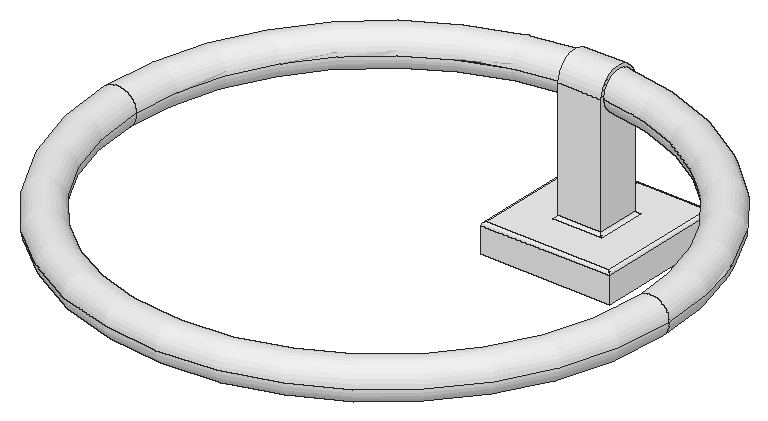
Revit family "Incepa_Acessorios_Suite_Toalheiro Anel_B8003I3CR0", category Plumbing Fixtures, host Face, Revit 2014
Parameters (values of type "Toalheiro anel")
  Waste Connection = no
  WFU = 0
  Vent Connection = no
  URL = "http://www.incepa.com.br"
  Type Comments = ""
  Selo de Qualidade ofcdesk = "Standard"
  Model = "B8003I3CR0"
  Metais [instance] = Celite - Cromado
  Manufacturer = "Incepa"
  Keynote = ""
  Incepa: Versão = "Autodesk Revit MEP 2014"
  Incepa: Tipo = "Toalheiros"
  Incepa: Produto = "Metais"
  Incepa: Norma [instance] = "ABNT NBR 10282: 2003"
  Incepa: Linha = "Suite"
  Incepa: Informações Técnicas = "N/A"
  Incepa: Informações Gerais = "N/A"
  Incepa: Fabricante = "Incepa"
  Incepa: Descrição = "Toalheiro anel Suite (B8003I3CR0), Acessórios - Metais Incepa"
  Incepa: Código = "B8003I3CR0"
  Incepa: Cores Disponíveis = "Cromado"
  Incepa: Copyright © = "© 2014 Incepa"
  Incepa: Categoria = "Acessórios"
  Incepa: Altura da Peça [instance] = 0 mm
  HWFU = 0
  HW Connection = no
  Desenvolvido por = "ofcdesk"
  Description = "Toalheiro anel Suite (B8003I3CR0), Acessórios - Metais Incepa"
  Default Elevation = 1400 mm
  Cost = 0
  CWFU = 0
  CW Connection = no
  Assembly Code = "D2010"
Reference planes
  plane 1 "Center (Front/Back)": y = 0
  plane 2: z = 0
  plane 3 "Center (Left/Right)": x = 0
Forms (mm)
  Extrusion 1, solid, material "Celite - Cromado" <- "Metais"
    sketch origin (0, 0.112, 0) x (0, 1, 0) y (0, 0, 1)
      loop
        line (7.388, 0) -> (7.388, 52.5)
        arc (7.388, 52.5) -> (-0.112, 60) -> (-7.612, 52.5) r 7.5
        line (-7.612, 52.5) -> (-7.612, 0) -> (7.388, 0)
    from -7.5 to 7.5
  Sweep 2, solid, material "Celite - Cromado" <- "Metais"
    path origin (0, 0, 0) x (1, 0, 0) y (0, 1, 0)
      loop
        line (-22.5, 22.5) -> (-22.5, -22.5) -> (22.5, -22.5) -> (22.5, 22.5) -> (-22.5, 22.5)
    profile origin (0, 22.5, 0) x (0, -1, 0) y (0, 0, 1)
      loop
        line (0, 0) -> (15, 0) -> (15, 11)
        arc (15, 11) -> (14.707, 10.293) -> (14, 10) r 1
        line (14, 10) -> (1, 10)
        arc (1, 10) -> (0.293, 9.707) -> (0, 9) r 1
        line (0, 9) -> (0, 0)
  Sweep 3, solid, material "Celite - Cromado" <- "Metais"
    path origin (0, 0, 0) x (1, 0, 0) y (0, 1, 0)
      loop
        circle (0, -93.218) r 100
    profile origin (0, 6.782, 0) x (0, -1, 0) y (0, 0, 1)
      loop
        circle (6.5, 52.495) r 6.5
Cuts and joins
  joined: Extrusion 1, Sweep 2, Sweep 3
Dimensions and locks
  aligned and locked: plane 2 to host face
  aligned and locked: level to host face
